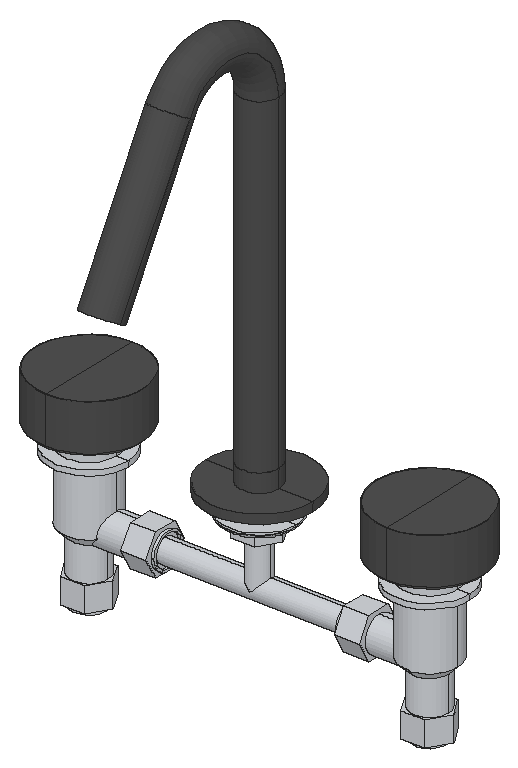
Revit family "Reece_Tap_Milli_Pure_Basin Tap Set", category Plumbing Fixtures, host Face, Revit 2018
Family settings
  Host = Face
  Round Connector Dimension = Use Diameter
  Part Type = Normal
  Cut with Voids When Loaded = No
  Shared = No
  Room Calculation Point = No
Parameters (values of type "Matte Black")
  WFU = 0  # constant formula
  URL = "https://www.reece.com.au/product/-2281237"
  Type Comments = "Tap"
  Reece_Tap_Reach = 110 mm  # constant formula
  Reece_Tap_Inlet = 15 mm  # constant formula
  Reece_Tap_Handle_Spacing_Formula [instance] = if(Reece_Tap_Handle_Spacing > 95 mm, 95 mm, if(Reece_Tap_Handle_Spacing < 60 mm, 60 mm, Reece_Tap_Handle_Spacing))  # 95 mm
  Reece_Tap_Handle_Spacing [instance] = 95 mm
  Reece_Tap_Clearance = 135 mm  # constant formula
  Reece_Product_Web Page = "https://www.reece.com.au/product/-2281237"
  Reece_Product_Type = "Tap"  # constant formula
  Reece_Product_Sub Brand = "Pure"  # constant formula
  Reece_Product_Number = "2281237"
  Reece_Product_Mount = "Hob Mounted"
  Reece_Product_Description = "Milli Pure Basin Set Matte Black (5 Star)"
  Reece_Product_Brand = "Milli"  # constant formula
  Reece_Overall_Length = 149.5 mm  # constant formula
  Reece_Overall_Height = 245 mm  # constant formula
  Reece_Material-Main = Reece_Brass_Matte Black
  Reece_Detail_Shape = ""
  Reece_Detail_Disclaimer = "THIS FILE IS THE PROPERTY OF THE REECE GROUP. IT MAY NOT BE REPRODUCED, REVERSE-ENGINEERED OR MODIFIED. ANY REPUBLICATION, TRANSMISSION OR DISTRIBUTION FOR THE PURPOSE OF COMMERCIALLY EXPLOITING THE FILES IS PROHIBITED."  # constant formula
  Reece_Detail_Connector = ""
  Reece_Detail_Additional = "Basin Tap Set\r\n"  # constant formula
  Model = "Pure"
  Manufacturer = "Milli"
  Keynote = "Product #2281237, Reece_Tap_Milli_Pure_Basin Tap Set - Matte Black"
  HWFU = 0  # constant formula
  Disclaimer = "THIS FILE IS THE PROPERTY OF THE REECE GROUP. IT MAY NOT BE REPRODUCED, REVERSE-ENGINEERED OR MODIFIED. ANY REPUBLICATION, TRANSMISSION OR DISTRIBUTION FOR THE PURPOSE OF COMMERCIALLY EXPLOITING THE FILES IS PROHIBITED."  # constant formula
  Description = "Milli Pure Basin Set Matte Black (5 Star)"
  Default Elevation = 0 mm  # constant formula
  CWFU = 0  # constant formula
Types (6, lengths in mm): name | URL | Reece_Product_Web Page | Reece_Product_Number | Reece_Product_Description | Reece_Material-Main | Keynote | Description
  (no name) | "https://www.reece.com.au/product/-2281315" | "https://www.reece.com.au/product/-2281315" | "2281315" | "Milli Pure Basin Set Brushed Gunmetal (5 Star)" | Reece_Brass_Brushed Gunmetal | "Product #2281315, Reece_Tap_Milli_Pure_Basin Tap Set -  " | "Milli Pure Basin Set Brushed Gunmetal (5 Star)"
  Brushed Gunmetal | "https://www.reece.com.au/product/-2281315" | "https://www.reece.com.au/product/-2281315" | "2281315" | "Milli Pure Basin Set Brushed Gunmetal (5 Star)" | Reece_Brass_Brushed Gunmetal | "Product #2281315, Reece_Tap_Milli_Pure_Basin Tap Set - Brushed Gunmetal" | "Milli Pure Basin Set Brushed Gunmetal (5 Star)"
  Chrome | "https://www.reece.com.au/product/-2263294" | "https://www.reece.com.au/product/-2263294" | "2263294" | "Milli Pure Basin Set Chrome (5 Star)" | Reece_Brass_Chrome | "Product #2263294, Reece_Tap_Milli_Pure_Basin Tap Set - Chrome" | "Milli Pure Basin Set Chrome (5 Star)"
  Matte Black | "https://www.reece.com.au/product/-2281237" | "https://www.reece.com.au/product/-2281237" | "2281237" | "Milli Pure Basin Set Matte Black (5 Star)" | Reece_Brass_Matte Black | "Product #2281237, Reece_Tap_Milli_Pure_Basin Tap Set - Matte Black" | "Milli Pure Basin Set Matte Black (5 Star)"
  PVD Brushed Bronze | "https://www.reece.com.au/product/-9511100" | "https://www.reece.com.au/product/-9511100" | "9511100" | "Milli Pure Basin Set PVD Brushed Bronze (5 Star)" | Reece_PVD_Brushed Bronze | "Product #9511100, Reece_Tap_Milli_Pure_Basin Tap Set - PVD Brushed Bronze" | "Milli Pure Basin Set PVD Brushed Bronze (5 Star)"
  PVD Brushed Gold | "https://www.reece.com.au/product/-9510915" | "https://www.reece.com.au/product/-9510915" | "9510915" | "Milli Pure Basin Set PVD Brushed Gold (5 Star)" | Reece_PVD_Brushed Gold | "Product #9510915, Reece_Tap_Milli_Pure_Basin Tap Set - PVD Brushed Gold" | "Milli Pure Basin Set PVD Brushed Gold (5 Star)"
Reference planes
  plane 1 "Center (Front/Back)": y = 0
  plane 2 "Bottom": z = 0
  plane 3 "Center (Left/Right)": x = 0
  plane 4 "Top": z = 245
  plane 5: y = -110
  plane 6: z = 135
  plane 7: y = 30
  plane 8: y = -119.5
  plane 9: through (0, -110, 135) normal (0, 0.866, -0.5)
  plane 10: x = -95
  plane 11: x = 95
  plane 12: x = -66.612
  plane 13: x = -52.612
  plane 14: x = 66.612
  plane 15: x = 52.612
Forms (mm)
  Revolve 1, solid, material "Reece_Brass_Matte Black" <- "Reece_Material-Main"
    sketch origin (3.5, 0, 0) x (-1, 0, 0) y (0, 0, 1)
      loop
        line (-26.5, 5) -> (-26.5, 0) -> (3.5, 0) -> (3.5, 5) -> (-26.5, 5)
      axis (3.5, 5) -> (3.5, 0)
    angle from 0 to 360
  Sweep 2, solid, material "Reece_Brass_Matte Black" <- "Reece_Material-Main"
    path origin (0, 0, 0) x (0, 1, 0) y (0, 0, 1)
      loop
        line (-110, 135) -> (-62.512, 217.252)
        arc (-62.512, 217.252) -> (-24.83, 232.86) -> (0, 200.502) r 33.5
        line (0, 200.502) -> (0, 15.069)
    profile origin (0, 0, 107.785) x (1, 0, 0) y (0, 1, 0)
      loop
        circle (0, 0) r 11
  Revolve 3, void
    sketch origin (0, -1.709, -28.285) x (0, 0.984808, -0.173648) y (0, 0.173648, 0.984808)
      loop
        line (-125.684, 141.282) -> (-134.141, 144.361) -> (-135.293, 141.194) -> (-126.836, 138.116) -> (-125.684, 141.282)
      axis (-134.141, 144.361) -> (-135.293, 141.194)
    angle from 0 to 360
  Sweep 4, solid, material "Reece_Brass_Matte Black" <- "Reece_Material-Main"
    path origin (0, 0, 0) x (0, 1, 0) y (0, 0, 1)
      loop
        line (0, 15) -> (0, 5)
    profile origin (0, 0, 10) x (1, 0, 0) y (0, 1, 0)
      loop
        circle (0, 0) r 11
  Revolve 5, solid
    sketch origin (0, 0, -0.835) x (1, 0, 0) y (0, 0, 1)
      loop
        line (0, 5.835) -> (0, -47) -> (6.5, -47) -> (6.5, -11.7) -> (18.888, -11.7)
        arc (18.888, -11.7) -> (19.596, -11.407) -> (19.888, -10.7) r 1
        line (19.888, -10.7) -> (19.888, -9.6) -> (20.888, -9.6) -> (20.888, -8.742) -> (10, -8.742) -> (10, 5.835) -> (0, 5.835)
      axis (0, 5.835) -> (0, -47)
    angle from 0 to 360
  Revolve 6, solid
    sketch origin (0, 0, -0.835) x (1, 0, 0) y (0, 0, 1)
      loop
        line (50.612, -47) -> (50.612, -40.5) -> (-66.612, -40.5) -> (-66.612, -37.123) -> (-86.948, -37.123) -> (-86.948, -47) -> (-70.103, -47) -> (50.612, -47)
      loop
        line (66.612, -37.123) -> (66.612, -47) -> (86.948, -47) -> (86.948, -37.123) -> (66.612, -37.123)
      axis (86.948, -47) -> (-86.948, -47)
    angle from 0 to 360
  Extrusion 7, solid
    sketch origin (-121.612, -0.379, -50.716) x (0, 1, 0) y (0, 0, 1)
      loop
        line (-12.921, 2.881) -> (-6.271, -8.637) -> (7.029, -8.637) -> (13.679, 2.881) -> (7.029, 14.399) -> (-6.271, 14.399) -> (-12.921, 2.881)
    from 55 to 69
  Extrusion 8, solid
    sketch origin (-52.612, -0.379, -50.716) x (0, 1, 0) y (0, 0, 1)
      loop
        circle (0.379, 2.881) r 10
      loop
        circle (0.379, 2.881) r 9
    from 0 to 2
  Revolve 9, solid
    sketch origin (0, 0, -0.835) x (1, 0, 0) y (0, 0, 1)
      loop
        line (-110.559, -12.6) -> (-110.559, -48.588) -> (-105.61, -53.538) -> (-105.61, -72.919) -> (-104.007, -74.52) -> (-95, -74.52) -> (-95, 22.835) -> (-105, 22.835) -> (-105, 0.835) -> (-110.559, -2.375) -> (-110.559, -9.6) -> (-117.347, -9.6) -> (-117.347, -12.6) -> (-110.559, -12.6)
      axis (-95, 22.835) -> (-95, -74.52)
    angle from 0 to 360
  Extrusion 10, solid
    sketch origin (-100, 0, -73.754) x (0, 1, 0) y (1, 0, 0)
      loop
        line (0.001, 18.3) -> (-11.518, 11.65) -> (-11.518, -1.65) -> (0.001, -8.3) -> (11.519, -1.65) -> (11.519, 11.65) -> (0.001, 18.3)
    from 0 to 14
  Extrusion 11, solid
    sketch origin (-100, 0, -87.754) x (-1, 0, 0) y (0, 1, 0)
      loop
        circle (-5, 0.001) r 10
      loop
        circle (-5, 0.001) r 9
    from 0 to 2
  Extrusion 12, solid
    sketch origin (100, 0, -73.754) x (0, 1, 0) y (1, 0, 0)
      loop
        line (0.001, 8.3) -> (-11.518, 1.65) -> (-11.518, -11.65) -> (0.001, -18.3) -> (11.519, -11.65) -> (11.519, 1.65) -> (0.001, 8.3)
    from 0 to 14
  Extrusion 13, solid
    sketch origin (100, 0, -87.754) x (-1, 0, 0) y (0, 1, 0)
      loop
        circle (5, 0.001) r 10
      loop
        circle (5, 0.001) r 9
    from 0 to 2
  Extrusion 14, solid
    sketch origin (57.612, -0.379, -50.716) x (0, 1, 0) y (0, 0, 1)
      loop
        line (-12.921, 2.881) -> (-6.271, -8.637) -> (7.029, -8.637) -> (13.679, 2.881) -> (7.029, 14.399) -> (-6.271, 14.399) -> (-12.921, 2.881)
    from -5 to 9
  Extrusion 15, solid
    sketch origin (52.612, -0.379, -50.716) x (0, -1, 0) y (0, 0, 1)
      loop
        circle (-0.379, 2.881) r 10
      loop
        circle (-0.379, 2.881) r 9
    from 0 to 2
  Extrusion 16, void
    sketch origin (-50, 0, 0) x (1, 0, 0) y (0, 1, 0)
      loop
        circle (50, 0) r 17
    from 0 to -27
  Extrusion 17, void
    sketch origin (150, 0, 0) x (-1, 0, 0) y (0, -1, 0)
      loop
        circle (55, 0) r 18
    from 0 to -27
  Extrusion 18, void
    sketch origin (-150, 0, 0) x (1, 0, 0) y (0, 1, 0)
      loop
        circle (55, 0) r 18
    from 0 to -27
  Revolve 19, solid
    sketch origin (0, 0, -0.835) x (-1, 0, 0) y (0, 0, -1)
      loop
        line (-110.559, 12.6) -> (-117.347, 12.6) -> (-117.347, 9.6) -> (-110.559, 9.6) -> (-110.559, 2.375) -> (-105, -0.835) -> (-105, -22.835) -> (-95, -22.835) -> (-95, 74.52) -> (-104.007, 74.52) -> (-105.61, 72.919) -> (-105.61, 53.538) -> (-110.559, 48.588) -> (-110.559, 12.6)
      axis (-95, -22.835) -> (-95, 74.52)
    angle from 0 to 360
  Extrusion 20, solid
    sketch origin (0, 0, -12.535) x (0, 1, 0) y (1, 0, 0)
      loop
        line (0.001, 13.3) -> (-11.518, 6.65) -> (-11.518, -6.65) -> (0.001, -13.3) -> (11.519, -6.65) -> (11.519, 6.65) -> (0.001, 13.3)
    from 0 to 8.3
Cuts and joins
  Revolve 3 cuts Sweep 2
  Extrusion 16 cuts Revolve 9
  joined: Revolve 5, Revolve 6, Extrusion 7, Extrusion 8, Revolve 9, Extrusion 10, Extrusion 11, Extrusion 12, Extrusion 13, Extrusion 14, Extrusion 15, Revolve 19, Extrusion 20
Text (mm)
  text "Reece Copyright © 2018, Reece Ltd." at (-494.526, -203.067, 0), in view "Ref. Level"
  text "Reece ©" at (17.436, 169.291, 129.633), in view "Reece Preview"
Dimensions and locks
  Revolve 1 sketch curve to Revolve 1 sketch curve = 30 mm
  "Reece_Overall_Height": plane 4 "Top" to plane 2 "Bottom"
  "Reece_Tap_Clearance": plane 6 to plane 2 "Bottom"
  "Reece_Tap_Reach": plane 1 "Center (Front/Back)" to plane 5
  "Reece_Overall_Length": plane 7 to plane 8
  "Reece_Tap_Handle_Spacing_Formula": plane 10 to plane 3 "Center (Left/Right)"
  locked: plane 12 to plane 10 at 28.388
  locked: plane 13 to plane 12 at 14
  locked: plane 15 to plane 14 at 14
  locked: plane 14 to plane 11 at 28.388
  "Reece_Tap_Handle_Spacing_Formula": plane 3 "Center (Left/Right)" to plane 11  (x2)
  "Reece_Tap_Handle_Spacing_Formula": plane 3 "Center (Left/Right)" to plane 10
  angle plane 9 to plane 5 = 30.00°
  aligned and locked: plane 2 "Bottom" to host face
  aligned and locked: level to host face
  aligned and locked: plane 10 to nested 2
  aligned and locked: nested 1 to plane 11
  aligned and locked: plane 13 to Extrusion 7
  aligned and locked: Extrusion 7 to plane 12
  aligned and locked: cut or joined group 1 (Revolve 5, Revolve 6, Extrusion 7, Extrusion 8, Revolve 9, Extrusion 10, Extrusion 11, Extrusion 12, Extrusion 13, Extrusion 14, Extrusion 15, Extrusion 16, Revolve 19, Extrusion 20) to plane 14
  aligned and locked: plane 15 to cut or joined group 1
Automatic sketch dimensions
  host sketch curve to host sketch curve = 380.785 mm
  host sketch curve to host sketch curve = 317.421 mm
  Revolve 1 sketch curve to level = 0 mm
  plane 3 "Center (Left/Right)" to Revolve 1 sketch curve = 0 mm
  Revolve 1 sketch curve to plane 3 "Center (Left/Right)" = 0 mm
  level to Revolve 1 sketch curve = 5 mm
  Revolve 1 sketch curve to Revolve 1 sketch curve = 340.81 mm
  plane 4 "Top" to Revolve 1 sketch curve = 2048.37 mm
  Sweep 2 sketch curve to plane 5 = 0 mm
  plane 9 to Sweep 2 sketch curve = 0 mm
  Sweep 2 sketch curve to plane 1 "Center (Front/Back)" = 0 mm
  Sweep 2 sketch curve to plane 6 = 0 mm
  Sweep 2 sketch curve to plane 4 "Top" = 27.748 mm
  plane 1 "Center (Front/Back)" to Sweep 2 sketch curve = 33.5 mm
  level to Sweep 2 sketch curve = 15.069 mm
  Sweep 2 sketch curve to plane 3 "Center (Left/Right)" = 0 mm
  profile plane to Sweep 2 sketch curve = 0 mm
  plane 9 to Revolve 3 sketch curve = 0 mm  (x4)
  plane 5 to Revolve 3 sketch curve = 0.429 mm
  Revolve 3 sketch curve to Revolve 3 sketch curve = 1.153 mm
  Revolve 3 sketch curve to Revolve 3 sketch curve = 8.457 mm
  Revolve 3 sketch curve to Revolve 3 sketch curve = 7.036 mm
  Revolve 3 sketch curve to Revolve 3 sketch curve = 21.517 mm
  Sweep 4 sketch curve to plane 1 "Center (Front/Back)" = 0 mm
  level to Sweep 4 sketch curve = 5 mm
  Sweep 4 sketch curve to Sweep 4 sketch curve = 10 mm
  Sweep 4 sketch curve to plane 3 "Center (Left/Right)" = 0 mm
  profile plane to Sweep 4 sketch curve = 0 mm
  plane 10 to Revolve 6 sketch curve = 8.052 mm
  Revolve 6 sketch curve to Revolve 6 sketch curve = 16.844 mm
  plane 11 to Revolve 6 sketch curve = 44.388 mm
  Revolve 6 sketch curve to Revolve 6 sketch curve = 16 mm
  plane 11 to Revolve 6 sketch curve = 8.052 mm
  Revolve 6 sketch curve to level = 47.835 mm
  Revolve 6 sketch curve to Revolve 6 sketch curve = 0 mm  (x2)
  Revolve 6 sketch curve to Revolve 6 sketch curve = 9.877 mm  (x2)
  Revolve 6 sketch curve to plane 10 = 35 mm
  Revolve 6 sketch curve to plane 11 = 30 mm
  plane 1 "Center (Front/Back)" to Extrusion 7 sketch curve = 13.3 mm
  plane 1 "Center (Front/Back)" to Extrusion 7 sketch curve = 6.65 mm  (x2)
  Extrusion 7 sketch curve to plane 1 "Center (Front/Back)" = 6.65 mm  (x2)
  Extrusion 7 sketch curve to plane 1 "Center (Front/Back)" = 13.3 mm
  Extrusion 7 sketch curve to level = 59.353 mm
  Extrusion 7 sketch curve to Extrusion 7 sketch curve = 11.518 mm  (x3)
  Revolve 9 sketch curve to level = 0 mm
  Revolve 9 sketch curve to plane 10 = 22.347 mm
  Revolve 9 sketch curve to Revolve 9 sketch curve = 6.788 mm  (x2)
  Revolve 9 sketch curve to level = 3.21 mm
  Revolve 9 sketch curve to Revolve 9 sketch curve = 4.95 mm  (x2)
  Revolve 9 sketch curve to Revolve 9 sketch curve = 5.559 mm
  Revolve 9 sketch curve to Revolve 9 sketch curve = 1.602 mm
  plane 10 to Revolve 9 sketch curve = 0 mm  (x2)
  Revolve 9 sketch curve to Revolve 9 sketch curve = 7.226 mm
  Revolve 9 sketch curve to Revolve 9 sketch curve = 3 mm
  Revolve 9 sketch curve to Revolve 9 sketch curve = 35.988 mm
  Revolve 9 sketch curve to Revolve 9 sketch curve = 19.382 mm
  Revolve 9 sketch curve to Revolve 9 sketch curve = 1.601 mm
  Revolve 9 sketch curve to Revolve 9 sketch curve = 0 mm
  Revolve 9 sketch curve to Revolve 9 sketch curve = 22 mm
  Revolve 9 sketch curve to Revolve 9 sketch curve = 38.18 mm
  Revolve 9 sketch curve to plane 6 = 13.535 mm
  plane 1 "Center (Front/Back)" to Extrusion 10 sketch curve = 11.518 mm
  Extrusion 10 sketch curve to plane 1 "Center (Front/Back)" = 0.001 mm  (x2)
  Extrusion 10 sketch curve to plane 1 "Center (Front/Back)" = 11.519 mm
  plane 10 to Extrusion 10 sketch curve = 13.3 mm
  plane 10 to Extrusion 10 sketch curve = 6.65 mm  (x2)
  Extrusion 10 sketch curve to plane 10 = 6.65 mm  (x2)
  Extrusion 10 sketch curve to Extrusion 10 sketch curve = 6.65 mm
  Extrusion 11 sketch curve to Extrusion 11 sketch curve = 0 mm  (x2)
  Extrusion 10 to Extrusion 11 sketch curve = 11.518 mm  (x2)
  plane 1 "Center (Front/Back)" to Extrusion 12 sketch curve = 11.518 mm
  Extrusion 12 sketch curve to plane 1 "Center (Front/Back)" = 0.001 mm  (x2)
  Extrusion 12 sketch curve to plane 1 "Center (Front/Back)" = 11.519 mm
  Extrusion 12 sketch curve to plane 11 = 13.3 mm
  Extrusion 12 sketch curve to plane 11 = 6.65 mm  (x2)
  plane 11 to Extrusion 12 sketch curve = 6.65 mm  (x2)
  plane 11 to Extrusion 12 sketch curve = 13.3 mm
  Extrusion 13 sketch curve to Extrusion 13 sketch curve = 0 mm  (x2)
  Extrusion 13 sketch curve to plane 11 = 0 mm
  Extrusion 13 sketch curve to plane 1 "Center (Front/Back)" = 0.001 mm
  plane 1 "Center (Front/Back)" to Extrusion 14 sketch curve = 13.3 mm
  plane 1 "Center (Front/Back)" to Extrusion 14 sketch curve = 6.65 mm  (x2)
  Extrusion 14 sketch curve to plane 1 "Center (Front/Back)" = 6.65 mm  (x2)
  Extrusion 14 sketch curve to plane 1 "Center (Front/Back)" = 13.3 mm
  Extrusion 14 sketch curve to level = 59.353 mm
  Extrusion 14 sketch curve to Extrusion 14 sketch curve = 11.518 mm  (x3)
  Extrusion 15 sketch curve to Extrusion 15 sketch curve = 0 mm  (x2)
  Extrusion 15 sketch curve to Extrusion 14 = 11.518 mm  (x2)
  Extrusion 16 sketch curve to Extrusion 16 sketch curve = 0 mm  (x2)
  plane 1 "Center (Front/Back)" to Extrusion 16 sketch curve = 0 mm
  Extrusion 16 sketch curve to plane 3 "Center (Left/Right)" = 0 mm
  Extrusion 16 sketch curve to Extrusion 16 sketch curve = 17 mm
  Extrusion 17 sketch curve to Extrusion 17 sketch curve = 0 mm  (x2)
  plane 1 "Center (Front/Back)" to Extrusion 17 sketch curve = 0 mm
  Extrusion 17 sketch curve to plane 11 = 0 mm
  plane 11 to Extrusion 17 sketch curve = 18 mm
  Extrusion 18 sketch curve to Extrusion 18 sketch curve = 0 mm  (x2)
  Extrusion 18 sketch curve to plane 1 "Center (Front/Back)" = 0 mm
  Extrusion 18 sketch curve to plane 10 = 0 mm
  Extrusion 18 sketch curve to plane 10 = 18 mm
  Revolve 19 sketch curve to level = 0 mm
  Revolve 19 sketch curve to plane 11 = 22.347 mm
  Revolve 19 sketch curve to Revolve 19 sketch curve = 6.788 mm  (x2)
  Revolve 19 sketch curve to level = 3.21 mm
  Revolve 19 sketch curve to Revolve 19 sketch curve = 4.95 mm  (x2)
  Revolve 19 sketch curve to Revolve 19 sketch curve = 5.559 mm
  Revolve 19 sketch curve to Revolve 19 sketch curve = 1.602 mm
  plane 11 to Revolve 19 sketch curve = 0 mm  (x2)
  level to Revolve 19 sketch curve = 22 mm
  Revolve 19 sketch curve to Revolve 19 sketch curve = 7.226 mm
  Revolve 19 sketch curve to Revolve 19 sketch curve = 3 mm
  Revolve 19 sketch curve to Revolve 19 sketch curve = 35.988 mm
  Revolve 19 sketch curve to Revolve 19 sketch curve = 19.382 mm
  Revolve 19 sketch curve to Revolve 19 sketch curve = 1.601 mm
  Revolve 19 sketch curve to Revolve 19 sketch curve = 0 mm
  Revolve 19 sketch curve to plane 6 = 13.535 mm
  Revolve 19 sketch curve to Revolve 19 sketch curve = 38.18 mm
  plane 1 "Center (Front/Back)" to Extrusion 20 sketch curve = 11.518 mm
  Extrusion 20 sketch curve to plane 1 "Center (Front/Back)" = 0.001 mm  (x2)
  Extrusion 20 sketch curve to plane 1 "Center (Front/Back)" = 11.519 mm
  plane 3 "Center (Left/Right)" to Extrusion 20 sketch curve = 13.3 mm
  plane 3 "Center (Left/Right)" to Extrusion 20 sketch curve = 6.65 mm  (x2)
  Extrusion 20 sketch curve to plane 3 "Center (Left/Right)" = 6.65 mm  (x2)
  Extrusion 20 sketch curve to Extrusion 20 sketch curve = 6.65 mm
  Revolve 5 sketch curve to plane 3 "Center (Left/Right)" = 0 mm  (x2)
  Revolve 5 sketch curve to Revolve 5 sketch curve = 12.388 mm
  Revolve 5 sketch curve to Revolve 5 sketch curve = 1 mm  (x2)
  Revolve 5 sketch curve to level = 12.535 mm
  Revolve 5 sketch curve to Revolve 5 sketch curve = 1.1 mm
  Revolve 5 sketch curve to Revolve 5 sketch curve = 0.858 mm
  level to Revolve 5 sketch curve = 5 mm
  Revolve 5 sketch curve to Revolve 5 sketch curve = 3.5 mm
  Revolve 5 sketch curve to Revolve 5 sketch curve = 9.761 mm
  Revolve 6 sketch curve to Revolve 6 sketch curve = 3.492 mm
  Revolve 6 sketch curve to Revolve 6 sketch curve = 3.377 mm
  Extrusion 8 sketch curve to Extrusion 8 sketch curve = 0 mm  (x2)
  Extrusion 8 sketch curve to Extrusion 7 = 11.518 mm  (x2)
  Revolve 5 sketch curve to Revolve 5 sketch curve = 35.3 mm
  Revolve 5 sketch curve to Revolve 5 sketch curve = 17.404 mm
  plane 3 "Center (Left/Right)" to Revolve 5 sketch curve = 6.5 mm
  radius of Sweep 2 sketch curve = 11 mm
  radius of Sweep 4 sketch curve = 11 mm
  radius of Extrusion 11 sketch curve = 10 mm
  radius of Extrusion 11 sketch curve = 9 mm
  radius of Extrusion 13 sketch curve = 10 mm
  radius of Extrusion 13 sketch curve = 9 mm
  radius of Extrusion 15 sketch curve = 10 mm
  radius of Extrusion 15 sketch curve = 9 mm
  radius of Extrusion 8 sketch curve = 10 mm
  radius of Extrusion 8 sketch curve = 9 mm
Nested families
  nested 1: "Reece_Tap_Milli_Pure_Cap_Main_2D" at (95, 0, 0), Reece_Material-Main <- "Reece_Material-Main", Reece_Material_Secondary <- "Reece_Material-Main", type "60mm x 28mm"
    with Reece_Material_Secondary Reece_Brass_Matte Black, Reece_Material-Main Reece_Brass_Matte Black
  nested 2: "Reece_Tap_Milli_Pure_Cap_Main_2D" at (-95, 0, 0) x (-1, 0, 0) z (0, 0, 1), Reece_Material-Main <- "Reece_Material-Main", Reece_Material_Secondary <- "Reece_Material-Main", type "60mm x 28mm"
    with Reece_Material_Secondary Reece_Brass_Matte Black, Reece_Material-Main Reece_Brass_Matte Black
Connectors
  piping at (-95, 0.001, -89.754), diameter 15, driven by "Reece_Tap_Inlet"
    settings: on cut or joined group 1, index 1, connector inside diameter 609.6 mm, connector length 0 mm, flow factor 0, pipe flow 0.0 L/s, pressure drop 0.0 Pa, fitting loss kfactor 0, connector angle 0.00°, fixture units 0, engagement length 0 mm, angle of deflection 0.00°, flow configuration 0, flow direction 1, fitting loss method 0, system type 29, joint type 0, gender type 0, connector reference index -1, connector utility 0, adjustable connector no, is connector primary yes, connector description ""
  piping at (95, 0.001, -89.754), diameter 15, driven by "Reece_Tap_Inlet"
    settings: on cut or joined group 1, index 2, connector inside diameter 609.6 mm, connector length 0 mm, flow factor 0, pipe flow 0.0 L/s, pressure drop 0.0 Pa, fitting loss kfactor 0, connector angle 0.00°, fixture units 0, engagement length 0 mm, angle of deflection 0.00°, flow configuration 0, flow direction 1, fitting loss method 0, system type 29, joint type 0, gender type 0, connector reference index -1, connector utility 0, adjustable connector no, is connector primary no, connector description ""
Definition of nested family "Reece_Tap_Milli_Pure_Cap_Main_2D"
  Parameters (values of type "62mm x 30mm")
    WFU = 0  # constant formula
    Reece_Overall_Width = 62 mm
    Reece_Overall_Height = 30 mm
    Reece_Material_Secondary [instance] = none
    Reece_Material-Main [instance] = none
    Reece_Detail_Installation = ""
    Reece_Detail_Connector = ""
    Reece_Detail_Additional = ""
    HWFU = 0  # constant formula
    Default Elevation = 1000 mm
    CWFU = 0  # constant formula
  Types (4, lengths in mm): name | Reece_Overall_Width | Reece_Overall_Height
    62mm x 30mm | 62 | 30
    60mm x 28mm | 60 | 28
    54mm x 30mm | 54 | 30
    60mm x 26mm | 60 | 26
  Reference planes
    plane 1 "Center (Front/Back)": y = 0
    plane 2 "Bottom": z = 0
    plane 3 "Center (Left/Right)": x = 0
    plane 4: y = -31
    plane 5: y = 31
    plane 6: z = 30
    plane 7: y = -29
    plane 8: y = 29
    plane 9: z = 16
    plane 10: z = 2
  Forms (mm)
    Extrusion 1, solid
      sketch origin (619.2, -619.2, 0) x (1, 0, 0) y (0, 1, 0)
        loop
          line (-809.2, 779.2) -> (-809.2, 461.779) -> (-428.415, 461.779) -> (-428.415, 779.2) -> (-809.2, 779.2)
      from 0 to -9.564
    Revolve 2, solid, material <- "Reece_Material_Secondary"
      sketch origin (0, 50, 0) x (0, -1, 0) y (0, 0, 1)
        loop
          line (50, 0) -> (79, 0) -> (79, 2) -> (81, 2) -> (81, 30) -> (79, 28) -> (50, 28) -> (50, 0)
        axis (50, 0) -> (50, 30)
      angle from 0 to 360
    Revolve 3, solid, material <- "Reece_Material-Main"
      sketch origin (0, 50, 0) x (0, -1, 0) y (0, 0, 1)
        loop
          line (81, 30) -> (50, 30) -> (50, 28) -> (79, 28) -> (81, 30)
        axis (50, 28) -> (50, 30)
      angle from 0 to 360
  Text (mm)
    text "Reece Copyright © 2018, Reece Ltd." at (-1403.988, -1192.393, 0), in view "Ref. Level"
    text "Reece ©" at (44.384, 258.95, 192.345), in view "Reece Preview"
  Dimensions and locks
    equal spacing: plane 5, plane 1 "Center (Front/Back)", plane 4
    "Reece_Overall_Width": plane 5 to plane 4
    "Reece_Overall_Height": plane 6 to plane 2 "Bottom"
    locked: plane 7 to plane 4 at 2
    locked: plane 5 to plane 8 at 2
    equal spacing: plane 6, plane 9, plane 10
    locked: plane 10 to plane 2 "Bottom" at 2
    aligned and locked: plane 2 "Bottom" to Extrusion 1
    aligned and locked: level to Extrusion 1
    aligned and locked: plane 7 to Revolve 2 sketch curve
  Automatic sketch dimensions
    Extrusion 1 sketch curve to Extrusion 1 sketch curve = 380.785 mm
    Extrusion 1 sketch curve to Extrusion 1 sketch curve = 317.421 mm
    Revolve 2 sketch curve to plane 1 "Center (Front/Back)" = 0 mm  (x2)
    Revolve 2 sketch curve to level = 0 mm
    Revolve 2 sketch curve to plane 7 = 0 mm
    Revolve 2 sketch curve to plane 4 = 0 mm
    Revolve 2 sketch curve to plane 6 = 0 mm  (x2)
    level to Revolve 2 sketch curve = 2 mm
    Revolve 2 sketch curve to plane 6 = 2 mm
    Revolve 2 sketch curve to Revolve 2 sketch curve = 10 mm
    Revolve 3 sketch curve to plane 1 "Center (Front/Back)" = 0 mm  (x2)
    Revolve 3 sketch curve to plane 7 = 0 mm
    Revolve 3 sketch curve to plane 4 = 0 mm
    Revolve 3 sketch curve to plane 6 = 0 mm  (x2)
    Revolve 3 sketch curve to plane 6 = 2 mm
    Revolve 3 sketch curve to Revolve 3 sketch curve = 10 mm
